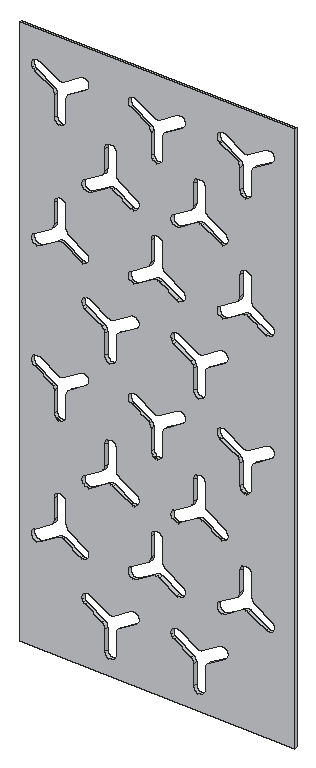
Revit family "J2 PET Felt Room Divider Spoke", category Specialty Equipment, Revit 2022
Family settings
  Round Connector Dimension = Use Diameter
  Part Type = Normal
  Work Plane-Based = No
  Always vertical = Yes
  Cut with Voids When Loaded = No
  Maintain Annotation Orientation = No
  Shared = No
  Room Calculation Point = No
Parameters
  URL = "https://www.j2systems.net/"
  Style Number = "RDSPOK"  # constant formula
  Symbol Name = "RDSPOK"  # constant formula
  Release Date = "2022"  # constant formula
  Product Line = "Room Divider"  # constant formula
  Model = "Spoke"  # constant formula
  Manufacturer = "J2 Systems"  # constant formula
  Keynote = ""
  Felt Color = none
  Default Elevation = 0' - 0"
Reference planes (in)
  plane 1 "Center (Front/Back)": y = 0
  plane 2: z = 0
  plane 3 "Center (Left/Right)": x = 0
Forms (in)
  Extrusion 1, solid, material <- "Felt Color"
    sketch origin (0, 0, 0) x (1, 0, 0) y (0, 0, 1)
      loop
        line (-23.5, 0) -> (23.5, 0) -> (23.5, 95) -> (-23.5, 95) -> (-23.5, 0)
      loop
        arc (-19.99614, 44.75614) -> (-21.34785, 44.39397) -> (-20.98567, 43.04226) r 0.98951
        line (-20.98567, 43.04226) -> (-18.05244, 41.34875)
        arc (-18.05244, 41.34875) -> (-17.69042, 40.98673) -> (-17.55792, 40.4922) r 0.98905
        line (-17.55792, 40.4922) -> (-17.55792, 37.10479)
        arc (-17.55792, 37.10479) -> (-16.56819, 36.11506) -> (-15.57846, 37.10479) r 0.98973
        line (-15.57846, 37.10479) -> (-15.57846, 40.4918)
        arc (-15.57846, 40.4918) -> (-15.44586, 40.98667) -> (-15.08358, 41.34895) r 0.98975
        line (-15.08358, 41.34895) -> (-12.15069, 43.04227)
        arc (-12.15069, 43.04227) -> (-11.78851, 44.39396) -> (-13.1402, 44.75614) r 0.9895
        line (-13.1402, 44.75614) -> (-16.07344, 43.06261)
        arc (-16.07344, 43.06261) -> (-16.56819, 42.93004) -> (-17.06294, 43.06261) r 0.98949
        line (-17.06294, 43.06261) -> (-19.99614, 44.75614)
      loop
        arc (-3.42796, 44.75614) -> (-4.77966, 44.39397) -> (-4.41748, 43.04226) r 0.98951
        line (-4.41748, 43.04226) -> (-1.48425, 41.34875)
        arc (-1.48425, 41.34875) -> (-1.12223, 40.98673) -> (-0.98973, 40.4922) r 0.98905
        line (-0.98973, 40.4922) -> (-0.98973, 37.10479)
        arc (-0.98973, 37.10479) -> (0, 36.11506) -> (0.98973, 37.10479) r 0.98973
        line (0.98973, 37.10479) -> (0.98973, 40.4918)
        arc (0.98973, 40.4918) -> (1.12233, 40.98667) -> (1.4846, 41.34895) r 0.98975
        line (1.4846, 41.34895) -> (4.4175, 43.04227)
        arc (4.4175, 43.04227) -> (4.77968, 44.39396) -> (3.42799, 44.75614) r 0.9895
        line (3.42799, 44.75614) -> (0.49475, 43.06261)
        arc (0.49475, 43.06261) -> (0, 42.93004) -> (-0.49475, 43.06261) r 0.98949
        line (-0.49475, 43.06261) -> (-3.42796, 44.75614)
      loop
        arc (11.80865, 44.75614) -> (10.45695, 44.39397) -> (10.81913, 43.04226) r 0.98951
        line (10.81913, 43.04226) -> (13.75236, 41.34875)
        arc (13.75236, 41.34875) -> (14.11438, 40.98673) -> (14.24688, 40.4922) r 0.98905
        line (14.24688, 40.4922) -> (14.24688, 37.10479)
        arc (14.24688, 37.10479) -> (15.23661, 36.11506) -> (16.22634, 37.10479) r 0.98973
        line (16.22634, 37.10479) -> (16.22634, 40.4918)
        arc (16.22634, 40.4918) -> (16.35894, 40.98667) -> (16.72121, 41.34895) r 0.98975
        line (16.72121, 41.34895) -> (19.65411, 43.04227)
        arc (19.65411, 43.04227) -> (20.01629, 44.39396) -> (18.6646, 44.75614) r 0.9895
        line (18.6646, 44.75614) -> (15.73136, 43.06261)
        arc (15.73136, 43.06261) -> (15.23661, 42.93004) -> (14.74186, 43.06261) r 0.98949
        line (14.74186, 43.06261) -> (11.80865, 44.75614)
      loop
        arc (10.73544, 27.64998) -> (12.08714, 28.01215) -> (11.72497, 29.36385) r 0.98951
        line (11.72497, 29.36385) -> (8.79174, 31.05737)
        arc (8.79174, 31.05737) -> (8.42972, 31.41939) -> (8.29721, 31.91391) r 0.98905
        line (8.29721, 31.91391) -> (8.29721, 35.30133)
        arc (8.29721, 35.30133) -> (7.30748, 36.29105) -> (6.31775, 35.30133) r 0.98973
        line (6.31775, 35.30133) -> (6.31775, 31.91432)
        arc (6.31775, 31.91432) -> (6.18515, 31.41944) -> (5.82288, 31.05717) r 0.98975
        line (5.82288, 31.05717) -> (2.88998, 29.36384)
        arc (2.88998, 29.36384) -> (2.52781, 28.01215) -> (3.8795, 27.64998) r 0.9895
        line (3.8795, 27.64998) -> (6.81273, 29.34351)
        arc (6.81273, 29.34351) -> (7.30749, 29.47608) -> (7.80224, 29.34351) r 0.98949
        line (7.80224, 29.34351) -> (10.73544, 27.64998)
      loop
        arc (-4.50164, 27.64998) -> (-3.14993, 28.01215) -> (-3.51211, 29.36385) r 0.98951
        line (-3.51211, 29.36385) -> (-6.44534, 31.05737)
        arc (-6.44534, 31.05737) -> (-6.80736, 31.41939) -> (-6.93987, 31.91391) r 0.98905
        line (-6.93987, 31.91391) -> (-6.93987, 35.30133)
        arc (-6.93987, 35.30133) -> (-7.9296, 36.29105) -> (-8.91932, 35.30133) r 0.98973
        line (-8.91932, 35.30133) -> (-8.91932, 31.91432)
        arc (-8.91932, 31.91432) -> (-9.05193, 31.41944) -> (-9.4142, 31.05717) r 0.98975
        line (-9.4142, 31.05717) -> (-12.34709, 29.36384)
        arc (-12.34709, 29.36384) -> (-12.70927, 28.01215) -> (-11.35758, 27.64998) r 0.9895
        line (-11.35758, 27.64998) -> (-8.42435, 29.34351)
        arc (-8.42435, 29.34351) -> (-7.92959, 29.47608) -> (-7.43484, 29.34351) r 0.98949
        line (-7.43484, 29.34351) -> (-4.50164, 27.64998)
      loop
        line (-19.99614, 16.41708) -> (-17.06294, 18.11061)
        arc (-17.06294, 18.11061) -> (-16.56819, 18.24318) -> (-16.07344, 18.11061) r 0.98949
        line (-16.07344, 18.11061) -> (-13.1402, 16.41708)
        arc (-13.1402, 16.41708) -> (-11.78851, 16.77925) -> (-12.15069, 18.13094) r 0.9895
        line (-12.15069, 18.13094) -> (-15.08358, 19.82427)
        arc (-15.08358, 19.82427) -> (-15.44586, 20.18654) -> (-15.57846, 20.68142) r 0.98975
        line (-15.57846, 20.68142) -> (-15.57846, 24.06842)
        arc (-15.57846, 24.06842) -> (-16.56819, 25.05815) -> (-17.55792, 24.06842) r 0.98973
        line (-17.55792, 24.06842) -> (-17.55792, 20.68101)
        arc (-17.55792, 20.68101) -> (-17.69042, 20.18649) -> (-18.05244, 19.82447) r 0.98905
        line (-18.05244, 19.82447) -> (-20.98567, 18.13095)
        arc (-20.98567, 18.13095) -> (-21.34785, 16.77925) -> (-19.99614, 16.41708) r 0.98951
      loop
        line (-3.42796, 16.41708) -> (-0.49475, 18.11061)
        arc (-0.49475, 18.11061) -> (0, 18.24318) -> (0.49475, 18.11061) r 0.98949
        line (0.49475, 18.11061) -> (3.42799, 16.41708)
        arc (3.42799, 16.41708) -> (4.77968, 16.77925) -> (4.4175, 18.13094) r 0.9895
        line (4.4175, 18.13094) -> (1.4846, 19.82427)
        arc (1.4846, 19.82427) -> (1.12233, 20.18654) -> (0.98973, 20.68142) r 0.98975
        line (0.98973, 20.68142) -> (0.98973, 24.06842)
        arc (0.98973, 24.06842) -> (0, 25.05815) -> (-0.98973, 24.06842) r 0.98973
        line (-0.98973, 24.06842) -> (-0.98973, 20.68101)
        arc (-0.98973, 20.68101) -> (-1.12223, 20.18649) -> (-1.48425, 19.82447) r 0.98905
        line (-1.48425, 19.82447) -> (-4.41748, 18.13095)
        arc (-4.41748, 18.13095) -> (-4.77966, 16.77925) -> (-3.42796, 16.41708) r 0.98951
      loop
        line (11.80865, 16.41708) -> (14.74186, 18.11061)
        arc (14.74186, 18.11061) -> (15.23661, 18.24318) -> (15.73136, 18.11061) r 0.98949
        line (15.73136, 18.11061) -> (18.6646, 16.41708)
        arc (18.6646, 16.41708) -> (20.01629, 16.77925) -> (19.65411, 18.13094) r 0.9895
        line (19.65411, 18.13094) -> (16.72121, 19.82427)
        arc (16.72121, 19.82427) -> (16.35894, 20.18654) -> (16.22634, 20.68142) r 0.98975
        line (16.22634, 20.68142) -> (16.22634, 24.06842)
        arc (16.22634, 24.06842) -> (15.23661, 25.05815) -> (14.24688, 24.06842) r 0.98973
        line (14.24688, 24.06842) -> (14.24688, 20.68101)
        arc (14.24688, 20.68101) -> (14.11438, 20.18649) -> (13.75236, 19.82447) r 0.98905
        line (13.75236, 19.82447) -> (10.81913, 18.13095)
        arc (10.81913, 18.13095) -> (10.45695, 16.77925) -> (11.80865, 16.41708) r 0.98951
      loop
        line (10.73544, 11.22835) -> (7.80224, 9.53482)
        arc (7.80224, 9.53482) -> (7.30749, 9.40225) -> (6.81273, 9.53482) r 0.98949
        line (6.81273, 9.53482) -> (3.8795, 11.22835)
        arc (3.8795, 11.22835) -> (2.52781, 10.86618) -> (2.88998, 9.51449) r 0.9895
        line (2.88998, 9.51449) -> (5.82288, 7.82116)
        arc (5.82288, 7.82116) -> (6.18515, 7.45889) -> (6.31775, 6.96401) r 0.98975
        line (6.31775, 6.96401) -> (6.31775, 3.57701)
        arc (6.31775, 3.57701) -> (7.30748, 2.58728) -> (8.29721, 3.57701) r 0.98973
        line (8.29721, 3.57701) -> (8.29721, 6.96442)
        arc (8.29721, 6.96442) -> (8.42972, 7.45894) -> (8.79174, 7.82096) r 0.98905
        line (8.79174, 7.82096) -> (11.72497, 9.51448)
        arc (11.72497, 9.51448) -> (12.08714, 10.86618) -> (10.73544, 11.22835) r 0.98951
      loop
        line (-4.50164, 11.22835) -> (-7.43484, 9.53482)
        arc (-7.43484, 9.53482) -> (-7.92959, 9.40225) -> (-8.42435, 9.53482) r 0.98949
        line (-8.42435, 9.53482) -> (-11.35758, 11.22835)
        arc (-11.35758, 11.22835) -> (-12.70927, 10.86618) -> (-12.34709, 9.51449) r 0.9895
        line (-12.34709, 9.51449) -> (-9.4142, 7.82116)
        arc (-9.4142, 7.82116) -> (-9.05193, 7.45889) -> (-8.91932, 6.96401) r 0.98975
        line (-8.91932, 6.96401) -> (-8.91932, 3.57701)
        arc (-8.91932, 3.57701) -> (-7.9296, 2.58728) -> (-6.93987, 3.57701) r 0.98973
        line (-6.93987, 3.57701) -> (-6.93987, 6.96442)
        arc (-6.93987, 6.96442) -> (-6.80736, 7.45894) -> (-6.44534, 7.82096) r 0.98905
        line (-6.44534, 7.82096) -> (-3.51211, 9.51448)
        arc (-3.51211, 9.51448) -> (-3.14993, 10.86618) -> (-4.50164, 11.22835) r 0.98951
      loop
        arc (-19.99614, 90.1416) -> (-21.34785, 89.77943) -> (-20.98567, 88.42773) r 0.98951
        line (-20.98567, 88.42773) -> (-18.05244, 86.73421)
        arc (-18.05244, 86.73421) -> (-17.69042, 86.37219) -> (-17.55792, 85.87767) r 0.98905
        line (-17.55792, 85.87767) -> (-17.55792, 82.49025)
        arc (-17.55792, 82.49025) -> (-16.56819, 81.50052) -> (-15.57846, 82.49025) r 0.98973
        line (-15.57846, 82.49025) -> (-15.57846, 85.87726)
        arc (-15.57846, 85.87726) -> (-15.44586, 86.37214) -> (-15.08358, 86.73441) r 0.98975
        line (-15.08358, 86.73441) -> (-12.15069, 88.42774)
        arc (-12.15069, 88.42774) -> (-11.78851, 89.77943) -> (-13.1402, 90.1416) r 0.9895
        line (-13.1402, 90.1416) -> (-16.07344, 88.44807)
        arc (-16.07344, 88.44807) -> (-16.56819, 88.3155) -> (-17.06294, 88.44807) r 0.98949
        line (-17.06294, 88.44807) -> (-19.99614, 90.1416)
      loop
        arc (-3.42796, 90.1416) -> (-4.77966, 89.77943) -> (-4.41748, 88.42773) r 0.98951
        line (-4.41748, 88.42773) -> (-1.48425, 86.73421)
        arc (-1.48425, 86.73421) -> (-1.12223, 86.37219) -> (-0.98973, 85.87767) r 0.98905
        line (-0.98973, 85.87767) -> (-0.98973, 82.49025)
        arc (-0.98973, 82.49025) -> (0, 81.50052) -> (0.98973, 82.49025) r 0.98973
        line (0.98973, 82.49025) -> (0.98973, 85.87726)
        arc (0.98973, 85.87726) -> (1.12233, 86.37214) -> (1.4846, 86.73441) r 0.98975
        line (1.4846, 86.73441) -> (4.4175, 88.42774)
        arc (4.4175, 88.42774) -> (4.77968, 89.77943) -> (3.42799, 90.1416) r 0.9895
        line (3.42799, 90.1416) -> (0.49475, 88.44807)
        arc (0.49475, 88.44807) -> (0, 88.3155) -> (-0.49475, 88.44807) r 0.98949
        line (-0.49475, 88.44807) -> (-3.42796, 90.1416)
      loop
        arc (11.80865, 90.1416) -> (10.45695, 89.77943) -> (10.81913, 88.42773) r 0.98951
        line (10.81913, 88.42773) -> (13.75236, 86.73421)
        arc (13.75236, 86.73421) -> (14.11438, 86.37219) -> (14.24688, 85.87767) r 0.98905
        line (14.24688, 85.87767) -> (14.24688, 82.49025)
        arc (14.24688, 82.49025) -> (15.23661, 81.50052) -> (16.22634, 82.49025) r 0.98973
        line (16.22634, 82.49025) -> (16.22634, 85.87726)
        arc (16.22634, 85.87726) -> (16.35894, 86.37214) -> (16.72121, 86.73441) r 0.98975
        line (16.72121, 86.73441) -> (19.65411, 88.42774)
        arc (19.65411, 88.42774) -> (20.01629, 89.77943) -> (18.6646, 90.1416) r 0.9895
        line (18.6646, 90.1416) -> (15.73136, 88.44807)
        arc (15.73136, 88.44807) -> (15.23661, 88.3155) -> (14.74186, 88.44807) r 0.98949
        line (14.74186, 88.44807) -> (11.80865, 90.1416)
      loop
        arc (10.73544, 73.03544) -> (12.08714, 73.39761) -> (11.72497, 74.74931) r 0.98951
        line (11.72497, 74.74931) -> (8.79174, 76.44283)
        arc (8.79174, 76.44283) -> (8.42972, 76.80485) -> (8.29721, 77.29937) r 0.98905
        line (8.29721, 77.29937) -> (8.29721, 80.68679)
        arc (8.29721, 80.68679) -> (7.30748, 81.67652) -> (6.31775, 80.68679) r 0.98973
        line (6.31775, 80.68679) -> (6.31775, 77.29978)
        arc (6.31775, 77.29978) -> (6.18515, 76.8049) -> (5.82288, 76.44263) r 0.98975
        line (5.82288, 76.44263) -> (2.88998, 74.74931)
        arc (2.88998, 74.74931) -> (2.52781, 73.39762) -> (3.8795, 73.03544) r 0.9895
        line (3.8795, 73.03544) -> (6.81273, 74.72897)
        arc (6.81273, 74.72897) -> (7.30749, 74.86154) -> (7.80224, 74.72897) r 0.98949
        line (7.80224, 74.72897) -> (10.73544, 73.03544)
      loop
        arc (-4.50164, 73.03544) -> (-3.14993, 73.39761) -> (-3.51211, 74.74931) r 0.98951
        line (-3.51211, 74.74931) -> (-6.44534, 76.44283)
        arc (-6.44534, 76.44283) -> (-6.80736, 76.80485) -> (-6.93987, 77.29937) r 0.98905
        line (-6.93987, 77.29937) -> (-6.93987, 80.68679)
        arc (-6.93987, 80.68679) -> (-7.9296, 81.67652) -> (-8.91932, 80.68679) r 0.98973
        line (-8.91932, 80.68679) -> (-8.91932, 77.29978)
        arc (-8.91932, 77.29978) -> (-9.05193, 76.8049) -> (-9.4142, 76.44263) r 0.98975
        line (-9.4142, 76.44263) -> (-12.34709, 74.74931)
        arc (-12.34709, 74.74931) -> (-12.70927, 73.39762) -> (-11.35758, 73.03544) r 0.9895
        line (-11.35758, 73.03544) -> (-8.42435, 74.72897)
        arc (-8.42435, 74.72897) -> (-7.92959, 74.86154) -> (-7.43484, 74.72897) r 0.98949
        line (-7.43484, 74.72897) -> (-4.50164, 73.03544)
      loop
        line (-19.99614, 61.80254) -> (-17.06294, 63.49607)
        arc (-17.06294, 63.49607) -> (-16.56819, 63.62864) -> (-16.07344, 63.49607) r 0.98949
        line (-16.07344, 63.49607) -> (-13.1402, 61.80254)
        arc (-13.1402, 61.80254) -> (-11.78851, 62.16471) -> (-12.15069, 63.5164) r 0.9895
        line (-12.15069, 63.5164) -> (-15.08358, 65.20973)
        arc (-15.08358, 65.20973) -> (-15.44586, 65.572) -> (-15.57846, 66.06688) r 0.98975
        line (-15.57846, 66.06688) -> (-15.57846, 69.45389)
        arc (-15.57846, 69.45389) -> (-16.56819, 70.44362) -> (-17.55792, 69.45389) r 0.98973
        line (-17.55792, 69.45389) -> (-17.55792, 66.06647)
        arc (-17.55792, 66.06647) -> (-17.69042, 65.57195) -> (-18.05244, 65.20993) r 0.98905
        line (-18.05244, 65.20993) -> (-20.98567, 63.51641)
        arc (-20.98567, 63.51641) -> (-21.34785, 62.16471) -> (-19.99614, 61.80254) r 0.98951
      loop
        line (-3.42796, 61.80254) -> (-0.49475, 63.49607)
        arc (-0.49475, 63.49607) -> (0, 63.62864) -> (0.49475, 63.49607) r 0.98949
        line (0.49475, 63.49607) -> (3.42799, 61.80254)
        arc (3.42799, 61.80254) -> (4.77968, 62.16471) -> (4.4175, 63.5164) r 0.9895
        line (4.4175, 63.5164) -> (1.4846, 65.20973)
        arc (1.4846, 65.20973) -> (1.12233, 65.572) -> (0.98973, 66.06688) r 0.98975
        line (0.98973, 66.06688) -> (0.98973, 69.45389)
        arc (0.98973, 69.45389) -> (0, 70.44362) -> (-0.98973, 69.45389) r 0.98973
        line (-0.98973, 69.45389) -> (-0.98973, 66.06647)
        arc (-0.98973, 66.06647) -> (-1.12223, 65.57195) -> (-1.48425, 65.20993) r 0.98905
        line (-1.48425, 65.20993) -> (-4.41748, 63.51641)
        arc (-4.41748, 63.51641) -> (-4.77966, 62.16471) -> (-3.42796, 61.80254) r 0.98951
      loop
        line (11.80865, 61.80254) -> (14.74186, 63.49607)
        arc (14.74186, 63.49607) -> (15.23661, 63.62864) -> (15.73136, 63.49607) r 0.98949
        line (15.73136, 63.49607) -> (18.6646, 61.80254)
        arc (18.6646, 61.80254) -> (20.01629, 62.16471) -> (19.65411, 63.5164) r 0.9895
        line (19.65411, 63.5164) -> (16.72121, 65.20973)
        arc (16.72121, 65.20973) -> (16.35894, 65.572) -> (16.22634, 66.06688) r 0.98975
        line (16.22634, 66.06688) -> (16.22634, 69.45389)
        arc (16.22634, 69.45389) -> (15.23661, 70.44362) -> (14.24688, 69.45389) r 0.98973
        line (14.24688, 69.45389) -> (14.24688, 66.06647)
        arc (14.24688, 66.06647) -> (14.11438, 65.57195) -> (13.75236, 65.20993) r 0.98905
        line (13.75236, 65.20993) -> (10.81913, 63.51641)
        arc (10.81913, 63.51641) -> (10.45695, 62.16471) -> (11.80865, 61.80254) r 0.98951
      loop
        line (10.73544, 56.61381) -> (7.80224, 54.92028)
        arc (7.80224, 54.92028) -> (7.30749, 54.78771) -> (6.81273, 54.92028) r 0.98949
        line (6.81273, 54.92028) -> (3.8795, 56.61381)
        arc (3.8795, 56.61381) -> (2.52781, 56.25164) -> (2.88998, 54.89995) r 0.9895
        line (2.88998, 54.89995) -> (5.82288, 53.20663)
        arc (5.82288, 53.20663) -> (6.18515, 52.84435) -> (6.31775, 52.34948) r 0.98975
        line (6.31775, 52.34948) -> (6.31775, 48.96247)
        arc (6.31775, 48.96247) -> (7.30748, 47.97274) -> (8.29721, 48.96247) r 0.98973
        line (8.29721, 48.96247) -> (8.29721, 52.34988)
        arc (8.29721, 52.34988) -> (8.42972, 52.8444) -> (8.79174, 53.20642) r 0.98905
        line (8.79174, 53.20642) -> (11.72497, 54.89994)
        arc (11.72497, 54.89994) -> (12.08714, 56.25164) -> (10.73544, 56.61381) r 0.98951
      loop
        line (-4.50164, 56.61381) -> (-7.43484, 54.92028)
        arc (-7.43484, 54.92028) -> (-7.92959, 54.78771) -> (-8.42435, 54.92028) r 0.98949
        line (-8.42435, 54.92028) -> (-11.35758, 56.61381)
        arc (-11.35758, 56.61381) -> (-12.70927, 56.25164) -> (-12.34709, 54.89995) r 0.9895
        line (-12.34709, 54.89995) -> (-9.4142, 53.20663)
        arc (-9.4142, 53.20663) -> (-9.05193, 52.84435) -> (-8.91932, 52.34948) r 0.98975
        line (-8.91932, 52.34948) -> (-8.91932, 48.96247)
        arc (-8.91932, 48.96247) -> (-7.9296, 47.97274) -> (-6.93987, 48.96247) r 0.98973
        line (-6.93987, 48.96247) -> (-6.93987, 52.34988)
        arc (-6.93987, 52.34988) -> (-6.80736, 52.8444) -> (-6.44534, 53.20642) r 0.98905
        line (-6.44534, 53.20642) -> (-3.51211, 54.89994)
        arc (-3.51211, 54.89994) -> (-3.14993, 56.25164) -> (-4.50164, 56.61381) r 0.98951
    from 0.25 to -0.25
Dimensions and locks (in)
  aligned and locked: level to plane 2
